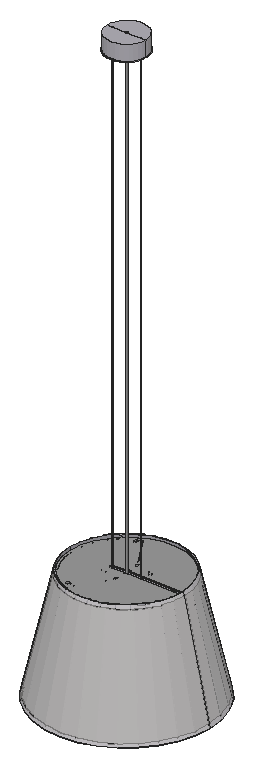
Revit family "Lighting - Lumetta - Pendant - PT2521-PT2521L2", category Lighting Fixtures, host Ceiling, Revit 2015
Parameters
  Wattage = 11.7117 W
  built-in parameter 1150110 = 1 (stored number, unit not read)
  URL = "https://lumetta.comhttps://lumetta.com/collection/cones/"
  Type Comments = "Taper 25'' Cone Pendant"  # constant formula
  built-in parameter 1114217 = 1 (stored number, unit not read)
  Top Lens-Material [instance] = Acrylic - 2447 - White
  Top Lens [instance] = yes
  built-in parameter 1150109 = 1 (stored number, unit not read)
  built-in parameter 1150134 = (empty or 0)
  Suspension [instance] = 2
  built-in parameter 1150113 = 1 (stored number, unit not read)
  Stem Hung-ALL Lamping [instance] = Suspension = 3  # no
  PT2521L2 Web Page [instance] = "https://lumetta.com/luminaires/taper-l2-25-pendant/"
  PT2521 Web Page [instance] = "https://lumetta.com/luminaires/taper-25-pendant/"
  Light Source Symbol Size = 0' - 1"
  Fixture Drop [instance] = 6' - 0"
  L2 - Version [instance] = yes
  Diffuser Outer Material [instance] = Shade - Lumetta - D61 - MT_White
  Diffuser Inside of Outer - L2 Only [instance] = none
  Bottom Diffuser Vis [instance] = and(not([L2 - Version]), [Bottom Lens-NON L2])  # no
  1CRD-2CBL- LED-4 Wire [instance] = Suspension = 2  # yes
  Coupling-Stems Over 60 inches [instance] = no
  Model = "PT2521/PT2521L2"  # constant formula
  Manufacturer = "Lumetta, Inc."  # constant formula
  Lumens = 1300 lm
  built-in parameter 1150115 = 1 (stored number, unit not read)
  built-in parameter 1150105 = 103.45 (stored number, unit not read)
  built-in parameter 1150137 = (empty or 0)
  built-in parameter 1150139 = (empty or 0)
  built-in parameter 1150112 = 1 (stored number, unit not read)
  built-in parameter 1150114 = 1 (stored number, unit not read)
  built-in parameter 1150132 = 1
  built-in parameter 1150102 = (empty or 0)
  built-in parameter 1150138 = (empty or 0)
  built-in parameter 1150107 = 3000 (stored number, unit not read)
  built-in parameter 1150106 = 1.0345 (stored number, unit not read)
  Frame Finish [instance] = Paint - Lumetta - F02 - PC_Chrome
  built-in parameter 1150104 = 10.312 (stored number, unit not read)
  Dimming Lamp Color Temperature Shift = (empty or 0)
  Diffuser L2  Material [instance] = Shade - Lumetta - D61 - MT_White
  Description = "Lumetta Cone Collection"
  Cord [instance] = or(Suspension = 1, Suspension = 2)  # yes
  Bottom Lens-Material [instance] = Acrylic - P95 - Etched White
  Bottom Lens-NON L2 [instance] = no
  2 Cables [instance] = or(Suspension = 1, Suspension = 2)  # yes
  1CRD-2CBL-STD and 2 or 3 Wire [instance] = Suspension = 1  # no
  Cord Color [instance] = Cord, Black
  Color Filter = 16777215
  built-in parameter 1114218 = 1 (stored number, unit not read)
  built-in parameter 1150133 = 10 (stored number, unit not read)
Reference planes (in)
  plane 1 "Light Source Axis (F/B)": y = 0
  plane 2 "Ceiling": z = 96
  plane 3 "Light Source Axis (L/R)": x = 0
  plane 4 "Light Source Elevation": z = 21
  plane 5 "Fixture- L2 Top": z = 23.5
  plane 6 "L2 Radius": x = 3
  plane 7 "Fixture-L2 Height": z = 13.40625
  plane 8: through (0, 0, 0) normal (-0.5, -0.866, 0)
  plane 9: y = 0
  plane 10: through (0, 0, 0) normal (0.5, -0.866, 0)
  plane 11: through (0, 0, 0) normal (-0.866, -0.5, 0)
  plane 12: through (0, 0, 0) normal (0.866, -0.5, 0)
  plane 13 "Top Radius": x = 8.5
  plane 14 "Fixture- Outer Top": z = 24
  plane 15 "Fixture-Outer Height": z = 7
  plane 16 "Bottom Radius": x = 12.5
  plane 17 "Top Radius-120": through (151.63457, 97.36122, 96) normal (-0.5, 0.866, 0)
  plane 18: through (-160.13457, 82.63878, 96) normal (-0.5, -0.866, 0)
Forms (in)
  Revolve 1, solid, material "Paint - Lumetta - F02 - PC_Chrome" <- "Frame Finish", visible <- "1CRD-2CBL-STD and 2 or 3 Wire"
    sketch origin (0, 0, 0) x (1, 0, 0) y (0, 0, 1)
      loop
        line (0, 96) -> (0, 94.9375) -> (0.2793, 94.9375) -> (0.375, 95.4375) -> (3, 95.4375) -> (3, 95.5) -> (2.87509, 95.5) -> (2.87509, 96) -> (0, 96)
      axis (0, 96) -> (0, 94.9375)
    angle from 0 to 360
  Extrusion 2, void
    sketch origin (0, 0, 95.4375) x (0, -1, 0) y (1, 0, 0)
      loop
        circle (0, 0) r 0.25
      loop
        circle (0, -2.125) r 0.06141
      loop
        circle (0, 2.125) r 0.06137
    from 0 to 0.06358
  Revolve 3, solid, material "Shade - Lumetta - D61 - MT_White" <- "Diffuser L2  Material", visible <- "L2 - Version"
    sketch origin (0, 0, 0) x (1, 0, 0) y (0, 0, 1)
      loop
        line (3, 23.39939) -> (3, 13.40625) -> (3.06242, 13.40625) -> (3.06242, 23.39939) -> (3, 23.39939)
      axis (0, 23.39939) -> (0, 13.40625)
    angle from 0 to 360
  Revolve 4, solid, material "Paint - Lumetta - F02 - PC_Chrome" <- "Frame Finish", visible <- "1CRD-2CBL- LED-4 Wire"
    sketch origin (0, 0, 0) x (1, 0, 0) y (0, 0, 1)
      loop
        line (0, 96) -> (0, 93.22) -> (0.26563, 93.22) -> (0.36282, 93.72) -> (3, 93.72) -> (3, 93.78) -> (2.875, 93.78) -> (2.875, 96) -> (0, 96)
      axis (0, 96) -> (0, 93.22)
    angle from 0 to 360
  Extrusion 5, solid, material "Paint - Lumetta - F02 - PC_Chrome" <- "Frame Finish", visible <- "Stem Hung-ALL Lamping"
    sketch origin (0, 0, 23.5) x (0, -1, 0) y (-1, 0, 0)
      loop
        circle (0, 0) r 0.25
    from 0.10061 to -72.5
  Revolve 6, solid, material "Paint - Lumetta - F02 - PC_Chrome" <- "Frame Finish", visible <- "Coupling-Stems Over 60 inches"
    sketch origin (0, 0, 0) x (1, 0, 0) y (0, 0, 1)
      loop
        line (0, 83.92962) -> (0, 83.39939) -> (0.26233, 83.39939)
        arc (0.26233, 83.39939) -> (0.31307, 83.45013) -> (0.26233, 83.50088) r 0.05074
        arc (0.26233, 83.50088) -> (0.29304, 83.66438) -> (0.26243, 83.8279) r 0.45126
        arc (0.26243, 83.8279) -> (0.31329, 83.87876) -> (0.26243, 83.92962) r 0.05086
        line (0.26243, 83.92962) -> (0, 83.92962)
      axis (0, 83.92962) -> (0, 83.39939)
    angle from 0 to 360
  Revolve 7, solid, material "Paint - Lumetta - F02 - PC_Chrome" <- "Frame Finish", visible <- "Stem Hung-ALL Lamping"
    sketch origin (0, 0, 0) x (1, 0, 0) y (0, 0, 1)
      loop
        line (0, 96) -> (0, 93.40625) -> (0.34988, 93.40625)
        arc (0.34988, 93.40625) -> (0.49124, 93.54417) -> (0.58115, 93.72) r 0.61026
        line (0.58115, 93.72) -> (3, 93.72) -> (3, 93.78) -> (2.875, 93.78) -> (2.875, 96) -> (0, 96)
      axis (0, 96) -> (0, 93.40625)
    angle from 0 to 360
  Extrusion 8, solid, material "Cord, Black" <- "Cord Color", visible <- "Cord"
    sketch origin (0, 0, 23.5) x (0, -1, 0) y (1, 0, 0)
      loop
        circle (0, 0) r 0.15674
    from -0.10061 to 72.5
  Extrusion 9, solid, material "Paint - Lumetta - F02 - PC_Chrome" <- "Frame Finish"
    sketch origin (0, 0, 23) x (0, -1, 0) y (1, 0, 0)
      loop
        line (-0.59424, 6.75) -> (0.59424, 6.75)
        arc (0.59424, 6.75) -> (0.68263, 6.78661) -> (0.71924, 6.875) r 0.125
        line (0.71924, 6.875) -> (0.71924, 7.63) -> (1.07852, 8.25228)
        arc (1.07852, 8.25228) -> (0, 8.32351) -> (-1.07852, 8.25228) r 8.20051
        line (-1.07852, 8.25228) -> (-0.71924, 7.63) -> (-0.71924, 6.875)
        arc (-0.71924, 6.875) -> (-0.68263, 6.78661) -> (-0.59424, 6.75) r 0.125
      loop
        circle (0, 7.375) r 0.09469
    from 0.45221 to 0.5
  Revolve 10, solid, material "Paint - Lumetta - F02 - PC_Chrome" <- "Frame Finish"
    sketch origin (0, 0, 0) x (1, 0, 0) y (0, 0, 1)
      loop
        line (8.12883, 23.45245) -> (8.62883, 23.45245) -> (8.5, 24) -> (8.43916, 23.98569) -> (8.55344, 23.5) -> (8.12883, 23.5) -> (8.12883, 23.45245)
      loop
        line (12.5, 7) -> (12.37077, 7.54922) -> (12.30903, 7.5347) -> (12.42024, 7.06207) -> (12, 7.06207) -> (12, 7) -> (12.5, 7)
      axis (0, 24) -> (0, 7)
    angle from 0 to 360
  Revolve 11, solid, material "Shade - Lumetta - D61 - MT_White" <- "Diffuser Outer Material"
    sketch origin (0, 0, 0) x (1, 0, 0) y (0, 0, 1)
      loop
        line (12.5, 7) -> (12.53371, 7) -> (8.53371, 24) -> (8.5, 24) -> (12.5, 7)
      axis (0, 7) -> (0, 24)
    angle from 0 to 360
  Extrusion 12, solid, material "Acrylic - P95 - Etched White", visible <- "L2 - Version"
    sketch origin (0, 0, 13.40625) x (0, -1, 0) y (1, 0, 0)
      loop
        circle (0, 0) r 3
    from 0 to 0.26368
  Extrusion 13, solid, material "Acrylic - 2447 - White", visible <- "L2 - Version"
    sketch origin (0, 0, 23.5) x (0, -1, 0) y (1, 0, 0)
      loop
        circle (0, 0) r 3
      loop
        circle (-2, 0) r 0.09351
      loop
        circle (2, 0) r 0.09301
      loop
        arc (-1.625, -1.81142) -> (-1.60633, -1.89298) -> (-1.55405, -1.95829) r 0.1875
        arc (-1.55405, -1.95829) -> (0, -2.5) -> (1.55405, -1.95829) r 2.5
        arc (1.55405, -1.95829) -> (1.60633, -1.89298) -> (1.625, -1.81142) r 0.1875
        line (1.625, -1.81142) -> (1.625, 1.81142)
        arc (1.625, 1.81142) -> (1.60633, 1.89298) -> (1.55405, 1.95829) r 0.1875
        arc (1.55405, 1.95829) -> (0, 2.5) -> (-1.55405, 1.95829) r 2.5
        arc (-1.55405, 1.95829) -> (-1.60633, 1.89298) -> (-1.625, 1.81142) r 0.1875
        line (-1.625, 1.81142) -> (-1.625, -1.81142)
    from -0.10061 to -0.36078
  Extrusion 14, solid, material "Paint - Lumetta - F02 - PC_Chrome" <- "Frame Finish"
    sketch origin (0, 0, 23.5) x (0, -1, 0) y (1, 0, 0)
      loop
        arc (-0.98553, 2.44224) -> (-2.28996, 1.3161) -> (-2.61496, -0.37627) r 2.625
        line (-2.61496, -0.37627) -> (-7.27232, -3.34334) -> (-6.51894, -4.64824) -> (-1.59488, -2.08494)
        arc (-1.59488, -2.08494) -> (0, -2.625) -> (1.59488, -2.08494) r 2.625
        line (1.59488, -2.08494) -> (6.51894, -4.64824) -> (7.27232, -3.34334) -> (2.61496, -0.37627)
        arc (2.61496, -0.37627) -> (2.29284, 1.3215) -> (0.98514, 2.45115) r 2.625
        line (0.98514, 2.45115) -> (0.7442, 7.96969) -> (-0.7442, 7.96969) -> (-0.98553, 2.44224)
      loop
        circle (6.38694, -3.6875) r 0.09469
      loop
        circle (0, 7.375) r 0.09469
      loop
        circle (-6.38694, -3.6875) r 0.09469
      loop
        circle (0, 0) r 0.25
      loop
        circle (0, 2.125) r 0.12575
      loop
        circle (0, -2.125) r 0.12445
    from -0.10061 to -0.04779
  Extrusion 15, solid, material "Paint - Lumetta - F02 - PC_Chrome" <- "Frame Finish"
    sketch origin (0, 0, 23) x (0.866025, 0.5, 0) y (-0.5, 0.866025, 0)
      loop
        line (-0.59424, 6.75) -> (0.59424, 6.75)
        arc (0.59424, 6.75) -> (0.68263, 6.78661) -> (0.71924, 6.875) r 0.125
        line (0.71924, 6.875) -> (0.71924, 7.63) -> (1.07852, 8.25228)
        arc (1.07852, 8.25228) -> (0, 8.32351) -> (-1.07852, 8.25228) r 8.20051
        line (-1.07852, 8.25228) -> (-0.71924, 7.63) -> (-0.71924, 6.875)
        arc (-0.71924, 6.875) -> (-0.68263, 6.78661) -> (-0.59424, 6.75) r 0.125
      loop
        circle (0, 7.375) r 0.09469
    from 0.45221 to 0.5
  Extrusion 16, solid, material "Paint - Lumetta - F02 - PC_Chrome" <- "Frame Finish"
    sketch origin (0, 0, 23) x (-0.866025, 0.5, 0) y (-0.5, -0.866025, 0)
      loop
        line (-0.59424, 6.75) -> (0.59424, 6.75)
        arc (0.59424, 6.75) -> (0.68263, 6.78661) -> (0.71924, 6.875) r 0.125
        line (0.71924, 6.875) -> (0.71924, 7.63) -> (1.07852, 8.25228)
        arc (1.07852, 8.25228) -> (0, 8.32351) -> (-1.07852, 8.25228) r 8.20051
        line (-1.07852, 8.25228) -> (-0.71924, 7.63) -> (-0.71924, 6.875)
        arc (-0.71924, 6.875) -> (-0.68263, 6.78661) -> (-0.59424, 6.75) r 0.125
      loop
        circle (0, 7.375) r 0.09469
    from 0.45221 to 0.5
  Revolve 17, solid, material "Plastic, Opaque White", visible <- "L2 - Version"
    sketch origin (0, 0, 0) x (1, 0, 0) y (0, 0, 1)
      loop
        line (12.37716, 7.52208) -> (8.62918, 23.45098) -> (8.59927, 23.44394) -> (12.34724, 7.51504) -> (12.37716, 7.52208)
      axis (0, 7.51504) -> (0, 23.45098)
    angle from 0 to 360
  Revolve 18, solid, material <- "Diffuser Inside of Outer - L2 Only", visible <- "L2 - Version"
    sketch origin (0, 0, 0) x (1, 0, 0) y (0, 0, 1)
      loop
        line (12.42024, 7.06207) -> (8.56188, 23.46008) -> (8.53127, 23.45287) -> (12.38793, 7.06207) -> (12.42024, 7.06207)
      axis (0, 7.06207) -> (0, 23.46008)
    angle from 0 to 360
  Extrusion 19, solid, material "Steel, Galvanized", visible <- "2 Cables"
    sketch origin (0, 0, 96) x (1, 0, 0) y (0, 1, 0)
      loop
        circle (2.125, 0) r 0.03092
      loop
        circle (-2.125, 0) r 0.03201
    from 0 to -72.60061
  Extrusion 20, solid, material "Acrylic - P95 - Etched White" <- "Bottom Lens-Material", visible <- "Bottom Diffuser Vis"
    sketch origin (0, 0, 7) x (-1, 0, 0) y (0, -1, 0)
      loop
        circle (0, 0) r 12.25
    from 0.18332 to 0.06207
  Extrusion 21, solid, material "Acrylic - 2447 - White" <- "Top Lens-Material", visible <- "Top Lens"
    sketch origin (0, 0, 23.5) x (0, -1, 0) y (1, 0, 0)
      loop
        line (-0.28188, -0.41297) -> (-0.28188, -2.125)
        arc (-0.28188, -2.125) -> (0, -2.40688) -> (0.28188, -2.125) r 0.28188
        line (0.28188, -2.125) -> (0.28188, -0.41297)
        arc (0.28188, -0.41297) -> (0.5, 0) -> (0.28188, 0.41297) r 0.5
        line (0.28188, 0.41297) -> (0.28188, 8.34006)
        arc (0.28188, 8.34006) -> (0, -8.34482) -> (-0.28188, 8.34006) r 8.34482
        line (-0.28188, 8.34006) -> (-0.28188, 0.41297)
        arc (-0.28188, 0.41297) -> (-0.5, 0) -> (-0.28188, -0.41297) r 0.5
      loop
        circle (6.38694, -3.6875) r 0.28158
      loop
        circle (-2, 0) r 0.21872
      loop
        circle (2, 0) r 0.21687
      loop
        circle (-6.38694, -3.6875) r 0.28158
    from 0 to 0.1187
Lines and regions (in)
  reference lines
    curve 1: line (12.5, 0, 7) -> (8.5, 0, 24)
Dimensions and locks (in)
  equal spacing: host sketch curve, plane 3 "Light Source Axis (L/R)", host sketch curve
  equal spacing: host sketch curve, plane 1 "Light Source Axis (F/B)", host sketch curve
  host sketch curve to host sketch curve = 10' - 0"  (x2)
  locked: plane 5 "Fixture- L2 Top" to plane 4 "Light Source Elevation" at 2.5
  plane 6 "L2 Radius" to plane 3 "Light Source Axis (L/R)" = 0' - 3"
  locked: plane 5 "Fixture- L2 Top" to plane 7 "Fixture-L2 Height" at 10.09375
  locked: Revolve 1 sketch curve to plane 3 "Light Source Axis (L/R)" at 2.87509
  locked: Revolve 1 sketch curve to plane 3 "Light Source Axis (L/R)" at 3
  locked: Revolve 3 sketch curve to plane 6 "L2 Radius" at 0.06242
  locked: Extrusion 5 sketch curve to imposter light
  locked: Extrusion 5 sketch curve to imposter light at 0
  Revolve 6 sketch curve to Revolve 6 sketch curve = 0' - 0.15822"
  locked: Revolve 6 sketch curve to Revolve 3 at 60
  locked: Revolve 6 sketch curve to Revolve 6 sketch curve at 0.53023
  locked: Revolve 6 sketch curve to Revolve 6 sketch curve at 0.26243
  locked: Revolve 6 sketch curve to Revolve 6 sketch curve at 0.26233
  locked: Revolve 6 sketch curve to Revolve 6 sketch curve at 0.05074
  locked: Revolve 6 sketch curve to Revolve 6 sketch curve at 0.47937
  locked: Revolve 6 sketch curve to Revolve 6 sketch curve at 0.26512
  locked: Revolve 7 sketch curve to Revolve 7 sketch curve at 2.875
  locked: Revolve 7 sketch curve to Revolve 7 sketch curve at 0.31375
  locked: host ceiling to Revolve 4 sketch curve at 2.28
  locked: Revolve 4 sketch curve to Revolve 4 sketch curve at 0
  locked: Revolve 4 sketch curve to Revolve 4 sketch curve at 2.875
  locked: Revolve 4 sketch curve to Revolve 4 sketch curve at 0.26563
  locked: Revolve 4 sketch curve to Revolve 4 sketch curve at 0.36282
  locked: Revolve 4 sketch curve to Revolve 4 sketch curve at 0.06
  locked: Revolve 4 sketch curve to Revolve 4 sketch curve at 0.5
  locked: Revolve 1 sketch curve to Revolve 1 sketch curve at 0.0625
  locked: host ceiling to Revolve 1 sketch curve at 0.5625
  locked: Revolve 1 sketch curve to Revolve 1 sketch curve at 0.5625
  locked: Revolve 1 sketch curve to Revolve 1 sketch curve at 3
  Revolve 1 sketch curve to Revolve 1 sketch curve = 0' - 2.87509"
  locked: Revolve 1 sketch curve to Revolve 1 sketch curve at 0.5
  locked: Revolve 1 sketch curve to Revolve 1 sketch curve at 0.375
  locked: Revolve 1 sketch curve to Revolve 1 sketch curve at 0.2793
  plane 13 "Top Radius" to plane 3 "Light Source Axis (L/R)" = 0' - 8 1/2"
  "Fixture Drop": plane 2 "Ceiling" to plane 14 "Fixture- Outer Top"
  locked: plane 14 "Fixture- Outer Top" to plane 5 "Fixture- L2 Top" at 0.5
  locked: plane 14 "Fixture- Outer Top" to plane 15 "Fixture-Outer Height" at 17
  equal spacing: Extrusion 9 sketch curve, plane 9, Extrusion 9 sketch curve
  locked: Extrusion 12 to plane 7 "Fixture-L2 Height" at 0.26368
  locked: Extrusion 13 sketch curve to plane 9 at 2
  locked: plane 9 to Extrusion 13 sketch curve at 2
  locked: plane 9 to Extrusion 13 sketch curve at 1.625  (x2)
  Extrusion 14 sketch curve to plane 9 = 0' - 0.7442"
  plane 9 to Extrusion 14 sketch curve = 0' - 0.7442"
  plane 17 "Top Radius-120" to plane 10 = 0' - 8 1/2"
  plane 18 to plane 8 = 0' - 8 1/2"
  locked: Extrusion 9 sketch curve to plane 13 "Top Radius" at 1.75
  locked: Extrusion 9 sketch curve to Extrusion 9 sketch curve at 0.625
  locked: Extrusion 9 sketch curve to Extrusion 9 sketch curve at 0.88  (x2)
  Extrusion 15 sketch curve to Extrusion 15 sketch curve = 0' - 1.43849"
  locked: Extrusion 15 sketch curve to Extrusion 15 sketch curve at 0.625
  locked: Extrusion 15 sketch curve to Extrusion 15 sketch curve at 0.88  (x2)
  Extrusion 16 sketch curve to Extrusion 16 sketch curve = 0' - 1.43849"
  locked: Extrusion 16 sketch curve to Extrusion 16 sketch curve at 0.625
  locked: Extrusion 16 sketch curve to Extrusion 16 sketch curve at 0.88  (x2)
  locked: Extrusion 15 to Extrusion 14 sketch curve at 0.625
  locked: Extrusion 16 to Extrusion 14 sketch curve at 0.625
  locked: Extrusion 9 to Extrusion 14 sketch curve at 0.625
  locked: Extrusion 15 to Extrusion 14 sketch curve at 1.21969
  locked: Extrusion 16 to Extrusion 14 sketch curve at 1.21969
  locked: Extrusion 9 to Extrusion 14 sketch curve at 1.21969
  locked: Extrusion 14 sketch curve to plane 3 "Light Source Axis (L/R)" at 2.125
  locked: plane 3 "Light Source Axis (L/R)" to Extrusion 14 sketch curve at 2.125
  plane 3 "Light Source Axis (L/R)" to plane 16 "Bottom Radius" = 1' - 0 1/2"
  locked: Revolve 10 sketch curve to Revolve 10 sketch curve at 0.0625
  locked: Revolve 10 sketch curve to Revolve 10 sketch curve at 0.06343
  locked: Revolve 10 sketch curve to Revolve 10 sketch curve at 0.5  (x2)
  locked: Revolve 10 sketch curve to Revolve 10 sketch curve at 0.06207
  locked: Revolve 10 sketch curve to curve 1
  locked: Revolve 10 sketch curve to Revolve 10 sketch curve at 0.5625
  Revolve 10 sketch curve to Revolve 10 sketch curve = 0' - 0.04755"
  locked: Revolve 10 sketch curve to Revolve 10 sketch curve at 0.56422
  locked: Revolve 11 sketch curve to Revolve 11 sketch curve at 0.03282
  plane 13 "Top Radius" to Extrusion 9 = 0' - 1 3/4"
  locked: Revolve 10 sketch curve to plane 5 "Fixture- L2 Top"
  locked: Extrusion 13 to Extrusion 13 at 0.26017
  locked: Revolve 10 sketch curve to plane 15 "Fixture-Outer Height" at 0
  locked: Revolve 11 sketch curve to plane 15 "Fixture-Outer Height" at 0
  locked: Revolve 10 sketch curve to curve 1 at 0
  locked: curve 1 to Revolve 10 sketch curve at 0
  locked: Revolve 17 sketch curve to Revolve 17 sketch curve at 0.03073
  locked: Revolve 17 sketch curve to curve 1 at 0
  locked: curve 1 to Revolve 18 sketch curve at 0.06343
  locked: Revolve 18 sketch curve to Revolve 18 sketch curve at 0.03145
  locked: Revolve 18 sketch curve to plane 15 "Fixture-Outer Height" at 0.06207
  locked: plane 3 "Light Source Axis (L/R)" to Extrusion 2 sketch curve at 2.125
  locked: Extrusion 2 sketch curve to plane 3 "Light Source Axis (L/R)" at 2.125
  locked: Extrusion 19 sketch curve to plane 3 "Light Source Axis (L/R)" at 2.125
  locked: plane 3 "Light Source Axis (L/R)" to Extrusion 19 sketch curve at 2.125
  locked: plane 5 "Fixture- L2 Top" to Extrusion 14 at 0.04779
  locked: plane 5 "Fixture- L2 Top" to Extrusion 16 at 0.04779  (x2)
  locked: plane 5 "Fixture- L2 Top" to Extrusion 9 at 0.04779
  locked: Extrusion 13 sketch curve to plane 3 "Light Source Axis (L/R)"
  locked: Extrusion 13 sketch curve to plane 3 "Light Source Axis (L/R)" at 0
  locked: Extrusion 16 to Extrusion 21 sketch curve at 0.625
  locked: Extrusion 21 sketch curve to plane 12 at 0
  locked: Extrusion 21 sketch curve to plane 3 "Light Source Axis (L/R)" at 0  (x2)
  locked: Extrusion 21 sketch curve to plane 9 at 2
  locked: plane 9 to Extrusion 21 sketch curve at 2
  locked: Extrusion 21 sketch curve to plane 9 at 0
  locked: Extrusion 21 sketch curve to plane 3 "Light Source Axis (L/R)" at 2.125
  locked: Extrusion 20 to Extrusion 20 at 0.12125
  locked: Extrusion 20 to plane 15 "Fixture-Outer Height" at 0.06207
  locked: Extrusion 21 to plane 5 "Fixture- L2 Top" at 0.1187
  locked: plane 5 "Fixture- L2 Top" to Extrusion 21
  locked: Extrusion 15 to Extrusion 21 sketch curve at 0.625
  locked: plane 14 "Fixture- Outer Top" to Extrusion 14 at 0.60061
  radius of Extrusion 14 sketch curve = 0' - 2 5/8"  (x3)
  radius of Extrusion 20 sketch curve = 1' - 0 1/4"
  locked: Extrusion 9 sketch curve to Extrusion 9 sketch curve (angle 30.00°)  (x2)
  locked: Extrusion 14 sketch curve to plane 9 (angle 2.50°)
  locked: plane 9 to Extrusion 14 sketch curve (angle 2.50°)
  locked: Extrusion 15 sketch curve to Extrusion 15 sketch curve (angle 30.00°)  (x2)
  locked: plane 9 to plane 17 "Top Radius-120" (angle 30.00°)
  locked: plane 18 to plane 9 (angle 30.00°)
  locked: Extrusion 16 sketch curve to Extrusion 16 sketch curve (angle 30.00°)  (x2)
  locked: plane 11 to Extrusion 14 sketch curve (angle 2.50°)
  locked: Extrusion 14 sketch curve to plane 11 (angle 2.50°)
  locked: plane 12 to Extrusion 14 sketch curve (angle 2.50°)
  locked: Extrusion 14 sketch curve to plane 12 (angle 2.50°)
  aligned and locked: plane 3 "Light Source Axis (L/R)" to imposter light
  aligned and locked: plane 1 "Light Source Axis (F/B)" to imposter light
  aligned and locked: plane 4 "Light Source Elevation" to imposter light
  aligned and locked: Revolve 3 sketch curve to plane 3 "Light Source Axis (L/R)"
  aligned and locked: Revolve 6 sketch curve to Revolve 6 sketch curve  (x2)
  aligned and locked: host ceiling to Extrusion 5
  aligned and locked: host ceiling to Extrusion 8
  aligned and locked: Revolve 11 sketch curve to plane 3 "Light Source Axis (L/R)"
  aligned and locked: plane 14 "Fixture- Outer Top" to Revolve 11 sketch curve
  aligned and locked: Extrusion 9 to plane 5 "Fixture- L2 Top"
  aligned and locked: Extrusion 16 to plane 5 "Fixture- L2 Top"
  aligned and locked: Extrusion 15 to plane 5 "Fixture- L2 Top"
  aligned and locked: Revolve 3 to Extrusion 13
  aligned and locked: plane 13 "Top Radius" to curve 1
  aligned and locked: Extrusion 19 to Revolve 3
  aligned and locked: Extrusion 16 to Extrusion 15
  aligned and locked: Extrusion 5 to Revolve 3
  aligned and locked: Extrusion 8 to Revolve 3
Automatic sketch dimensions
  Revolve 3 sketch curve to plane 6 "L2 Radius" = 0' - 0"
  Revolve 3 sketch curve to plane 7 "Fixture-L2 Height" = 0' - 0"
  plane 7 "Fixture-L2 Height" to Revolve 3 sketch curve = 0' - 1 1/4"
  Revolve 3 sketch curve to plane 5 "Fixture- L2 Top" = 0' - 2 1/4"
  Revolve 6 sketch curve to plane 3 "Light Source Axis (L/R)" = 0' - 0"
  Revolve 6 sketch curve to Revolve 6 sketch curve = 0' - 11.34317"
  Revolve 7 sketch curve to plane 3 "Light Source Axis (L/R)" = 0' - 0"  (x3)
  Revolve 7 sketch curve to plane 2 "Ceiling" = 0' - 0"
  plane 3 "Light Source Axis (L/R)" to Revolve 7 sketch curve = 0' - 0.34988"
  Revolve 7 sketch curve to Revolve 7 sketch curve = 0' - 0.23126"
  Revolve 7 sketch curve to Revolve 7 sketch curve = 0' - 0 1/8"
  Revolve 7 sketch curve to plane 2 "Ceiling" = 0' - 2 3/32"
  Revolve 7 sketch curve to Revolve 7 sketch curve = 0' - 0.06"
  plane 2 "Ceiling" to Revolve 7 sketch curve = 0' - 1 3/4"
  Revolve 7 sketch curve to Revolve 7 sketch curve = 0' - 2 1/2"
  Revolve 4 sketch curve to plane 2 "Ceiling" = 0' - 0"
  plane 2 "Ceiling" to Revolve 4 sketch curve = 0' - 1 3/4"
  Revolve 4 sketch curve to Revolve 4 sketch curve = 0' - 2 1/2"
  plane 1 "Light Source Axis (F/B)" to Extrusion 8 sketch curve = 0' - 0"
  Extrusion 8 sketch curve to plane 3 "Light Source Axis (L/R)" = 0' - 0"
  Revolve 4 sketch curve to plane 3 "Light Source Axis (L/R)" = 0' - 0"
  Revolve 4 sketch curve to Revolve 4 sketch curve = 0' - 0 1/8"
  Revolve 1 sketch curve to plane 3 "Light Source Axis (L/R)" = 0' - 0"
  Revolve 1 sketch curve to plane 5 "Fixture- L2 Top" = 0' - 1 1/4"
  Revolve 1 sketch curve to Revolve 1 sketch curve = 0' - 9 3/4"
  plane 1 "Light Source Axis (F/B)" to Extrusion 12 sketch curve = 0' - 0"
  Extrusion 12 sketch curve to plane 3 "Light Source Axis (L/R)" = 0' - 0"
  Extrusion 13 sketch curve to Extrusion 13 sketch curve = 0' - 0"  (x6)
  plane 1 "Light Source Axis (F/B)" to Extrusion 13 sketch curve = 0' - 0"
  Extrusion 13 sketch curve to plane 3 "Light Source Axis (L/R)" = 0' - 0"
  Extrusion 13 sketch curve to Extrusion 13 sketch curve = 0' - 0 3/16"
  Extrusion 13 sketch curve to plane 1 "Light Source Axis (F/B)" = 0' - 1 7/16"
  plane 1 "Light Source Axis (F/B)" to Extrusion 13 sketch curve = 0' - 1 7/16"  (x2)
  Extrusion 13 sketch curve to Extrusion 13 sketch curve = 0' - 1.81142"
  Extrusion 13 sketch curve to plane 3 "Light Source Axis (L/R)" = 0' - 1.81142"
  plane 3 "Light Source Axis (L/R)" to Extrusion 13 sketch curve = 0' - 1.81142"  (x2)
  plane 1 "Light Source Axis (F/B)" to Extrusion 9 sketch curve = 0' - 0"  (x2)
  Extrusion 9 sketch curve to plane 1 "Light Source Axis (F/B)" = 0' - 0.59424"
  Extrusion 9 sketch curve to plane 1 "Light Source Axis (F/B)" = 0' - 0.71924"
  Extrusion 9 sketch curve to plane 13 "Top Radius" = 0' - 0.24772"
  Extrusion 9 sketch curve to Extrusion 9 sketch curve = 0' - 0 1/8"
  plane 3 "Light Source Axis (L/R)" to Extrusion 9 sketch curve = 0' - 0.123"
  plane 11 to Extrusion 15 sketch curve = 0' - 0"  (x2)
  plane 11 to Extrusion 15 sketch curve = 0' - 0.59424"
  plane 11 to Extrusion 15 sketch curve = 0' - 0.71924"
  Extrusion 15 sketch curve to plane 17 "Top Radius-120" = 0' - 0.24772"
  Extrusion 15 sketch curve to Extrusion 15 sketch curve = 0' - 0.35927"
  Extrusion 15 sketch curve to plane 11 = 0' - 0.59424"
  Extrusion 15 sketch curve to plane 11 = 0' - 0.71924"
  Extrusion 15 sketch curve to plane 10 = 0' - 0.123"
  plane 12 to Extrusion 16 sketch curve = 0' - 0"  (x2)
  plane 12 to Extrusion 16 sketch curve = 0' - 0.59424"
  plane 12 to Extrusion 16 sketch curve = 0' - 0.71924"
  Extrusion 16 sketch curve to plane 18 = 0' - 0.24772"
  Extrusion 16 sketch curve to Extrusion 16 sketch curve = 0' - 0.35927"
  Extrusion 16 sketch curve to plane 12 = 0' - 0.59424"
  Extrusion 16 sketch curve to plane 12 = 0' - 0.71924"
  plane 8 to Extrusion 16 sketch curve = 0' - 0.123"
  Extrusion 14 sketch curve to Extrusion 14 sketch curve = 0' - 0"  (x2)
  plane 11 to Extrusion 14 sketch curve = 0' - 0"
  plane 1 "Light Source Axis (F/B)" to Extrusion 14 sketch curve = 0' - 0"  (x4)
  plane 12 to Extrusion 14 sketch curve = 0' - 0"
  Extrusion 14 sketch curve to plane 3 "Light Source Axis (L/R)" = 0' - 0"
  Extrusion 14 sketch curve to plane 3 "Light Source Axis (L/R)" = 0' - 0.37627"  (x2)
  Extrusion 14 sketch curve to plane 1 "Light Source Axis (F/B)" = 0' - 2.61496"
  Extrusion 14 sketch curve to plane 1 "Light Source Axis (F/B)" = 0' - 1.59488"
  Extrusion 14 sketch curve to plane 6 "L2 Radius" = 0' - 0.55776"
  plane 3 "Light Source Axis (L/R)" to Extrusion 14 sketch curve = 0' - 0.01057"
  plane 1 "Light Source Axis (F/B)" to Extrusion 14 sketch curve = 0' - 0.01862"
  plane 1 "Light Source Axis (F/B)" to Extrusion 14 sketch curve = 0' - 1.59488"
  Revolve 11 sketch curve to plane 13 "Top Radius" = 0' - 0"
  plane 16 "Bottom Radius" to Revolve 11 sketch curve = 0' - 0"
  Revolve 11 sketch curve to level = 1' - 0"
  plane 7 "Fixture-L2 Height" to Revolve 11 sketch curve = 0' - 4"
  plane 5 "Fixture- L2 Top" to Revolve 3 sketch curve = 0' - 0.10061"
  curve 1 to plane 15 "Fixture-Outer Height" = 0' - 0"
  plane 16 "Bottom Radius" to curve 1 = 0' - 0"
  curve 1 to plane 14 "Fixture- Outer Top" = 0' - 0"
  Revolve 10 sketch curve to plane 3 "Light Source Axis (L/R)" = 0' - 0"
  Revolve 10 sketch curve to level = 0' - 4 3/4"
  plane 4 "Light Source Elevation" to Revolve 10 sketch curve = 0' - 2 3/32"
  Revolve 17 sketch curve to plane 3 "Light Source Axis (L/R)" = 0' - 0"
  plane 5 "Fixture- L2 Top" to Revolve 17 sketch curve = 0' - 0.04902"
  plane 16 "Bottom Radius" to Revolve 17 sketch curve = 0' - 0.15276"
  Revolve 17 sketch curve to plane 15 "Fixture-Outer Height" = 0' - 4 1/4"
  plane 7 "Fixture-L2 Height" to Revolve 17 sketch curve = 0' - 0 13/32"
  Revolve 18 sketch curve to plane 3 "Light Source Axis (L/R)" = 0' - 0"
  plane 5 "Fixture- L2 Top" to Revolve 18 sketch curve = 0' - 0.03992"
  plane 7 "Fixture-L2 Height" to Revolve 18 sketch curve = 0' - 0 29/32"
  Revolve 18 sketch curve to plane 15 "Fixture-Outer Height" = 0' - 1 3/4"
  Extrusion 2 sketch curve to Revolve 1 = 0' - 0"  (x2)
  plane 1 "Light Source Axis (F/B)" to Extrusion 19 sketch curve = 0' - 0"  (x2)
  Extrusion 21 sketch curve to Extrusion 21 sketch curve = 0' - 0"  (x4)
  plane 11 to Extrusion 21 sketch curve = 0' - 0"
  plane 1 "Light Source Axis (F/B)" to Extrusion 21 sketch curve = 0' - 0"
  Extrusion 21 sketch curve to plane 3 "Light Source Axis (L/R)" = 0' - 0"
  Extrusion 21 sketch curve to plane 1 "Light Source Axis (F/B)" = 0' - 0.28188"
  plane 1 "Light Source Axis (F/B)" to Extrusion 21 sketch curve = 0' - 0.28188"
  Extrusion 21 sketch curve to plane 3 "Light Source Axis (L/R)" = 0' - 0.41297"  (x2)
  Extrusion 21 sketch curve to plane 13 "Top Radius" = 0' - 0.15994"  (x2)
  plane 1 "Light Source Axis (F/B)" to Extrusion 20 sketch curve = 0' - 0"
  Extrusion 20 sketch curve to plane 3 "Light Source Axis (L/R)" = 0' - 0"
  radius of Extrusion 5 sketch curve = 0' - 0 1/4"
  radius of Extrusion 8 sketch curve = 0' - 0.15674"
  radius of Extrusion 12 sketch curve = 0' - 3"
  radius of Extrusion 13 sketch curve = 0' - 3"
  radius of Extrusion 13 sketch curve = 0' - 0.09351"
  radius of Extrusion 13 sketch curve = 0' - 0.09301"
  radius of Extrusion 9 sketch curve = 0' - 0.09469"
  radius of Extrusion 15 sketch curve = 0' - 0.09469"
  radius of Extrusion 16 sketch curve = 0' - 0.09469"
  radius of Extrusion 14 sketch curve = 0' - 0.09469"  (x3)
  radius of Extrusion 14 sketch curve = 0' - 0 1/4"
  radius of Extrusion 14 sketch curve = 0' - 0.12575"
  radius of Extrusion 14 sketch curve = 0' - 0.12445"
  radius of Extrusion 2 sketch curve to Revolve 1 = 0' - 0 1/8"
  radius of Extrusion 2 sketch curve = 0' - 0.06141"
  radius of Extrusion 2 sketch curve = 0' - 0.06137"
  radius of Extrusion 19 sketch curve = 0' - 0.03092"
  radius of Extrusion 19 sketch curve = 0' - 0.03201"
  radius of Extrusion 21 sketch curve = 0' - 0.28158"  (x2)
  radius of Extrusion 21 sketch curve = 0' - 0.21872"
  radius of Extrusion 21 sketch curve = 0' - 0.21687"
